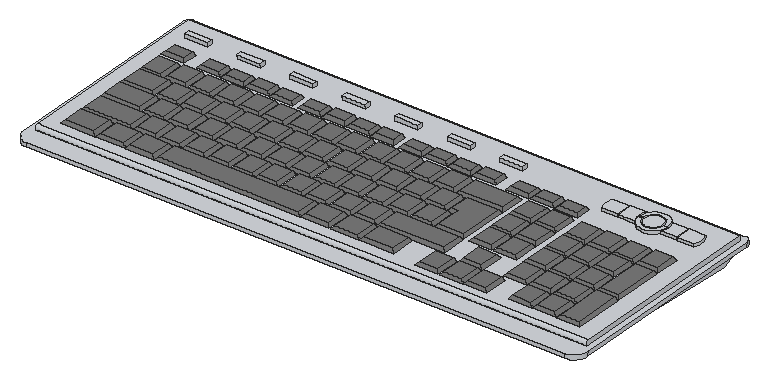
Revit family
Parameters
  Default Elevation = 1219.2 mm
Reference planes
  plane 1 "Center (Front/Back)": y = 0
  plane 2: z = 0
  plane 3 "Center (Left/Right)": x = 0
  plane 4: x = 220
  plane 5: x = -220
  plane 6: y = 85
  plane 7: y = -85
  plane 8: y = -59
  plane 9: y = 35
  plane 10: x = -204
  plane 11: y = 16
  plane 12: x = 55.748
  plane 13: x = 80.268
  plane 14: x = 84.268
  plane 15: x = 102.768
  plane 16: x = -101.417
  plane 17: x = -97.417
  plane 18: x = 121.268
  plane 19: y = 50
  plane 20: y = 64
  plane 21: x = -215
  plane 22: y = 80
  plane 23: x = 215
  plane 24: y = -70
  plane 25: z = 15
  plane 26: z = 12
  plane 27: through (4267.2, -70, 7.139) normal (0, -0.0523, 0.9986)
Forms (mm)
  Extrusion 1, solid
    sketch origin (0, 0, 0) x (0, 1, 0) y (0, 0, 1)
      loop
        line (-70, 0) -> (64, 0) -> (80, 7.461) -> (80, 15) -> (-67.237, 7.284)
        arc (-67.237, 7.284) -> (-69.199, 6.379) -> (-70, 4.372) r 2.915
        line (-70, 4.372) -> (-70, 0)
    from -215 to 215
  Extrusion 2, solid
    sketch origin (0, 0, 0) x (0, 1, 0) y (0, 0, 1)
      loop
        line (-85, 3.425) -> (-85, 0.313) -> (84.952, 9.22) -> (84.952, 12.332) -> (-85, 3.425)
    from -220 to 220
  Extrusion 3, void
    sketch origin (0, 0, 0) x (1, 0, 0) y (0, 1, 0)
      loop
        line (-215, 80) -> (-215, -70) -> (215, -70) -> (215, 80) -> (-215, 80)
    from 0 to 22.434
  Extrusion 4, void
    sketch origin (0, 0, 0) x (1, 0, 0) y (0, 1, 0)
      loop
        arc (-220, 79.952) -> (-218.536, 83.488) -> (-215, 84.952) r 5
        line (-215, 84.952) -> (-220, 84.952) -> (-220, 79.952)
      loop
        line (220, 79.952) -> (220, 84.952) -> (215, 84.952)
        arc (215, 84.952) -> (218.536, 83.488) -> (220, 79.952) r 5
    from 0 to 50
  Extrusion 5, void
    sketch origin (0, 0, 0) x (1, 0, 0) y (0, 1, 0)
      loop
        line (-220, -85) -> (-210, -85)
        arc (-210, -85) -> (-217.071, -82.071) -> (-220, -75) r 10
        line (-220, -75) -> (-220, -85)
      loop
        line (220, -85) -> (220, -75)
        arc (220, -75) -> (217.071, -82.071) -> (210, -85) r 10
        line (210, -85) -> (220, -85)
    from 0 to 50
  Extrusion 6, solid
    sketch origin (0, 80, 15) x (0, -0.99863, -0.052336) y (1, 0, 0)
      loop
        circle (20.029, 163.768) r 7
    from 0 to 2
  Extrusion 7, solid
    sketch origin (0, 80, 15) x (0, -0.99863, -0.052336) y (1, 0, 0)
      loop
        line (20.626, 155.76) -> (20.626, 152.753)
        arc (20.626, 152.753) -> (31.063, 163.738) -> (20.626, 174.722) r 10.999
        line (20.626, 174.722) -> (20.626, 171.714)
        arc (20.626, 171.714) -> (28.065, 163.737) -> (20.626, 155.76) r 7.996
      loop
        arc (19.719, 174.731) -> (9.126, 163.785) -> (19.626, 152.749) r 11.001
        line (19.626, 152.749) -> (19.626, 155.755)
        arc (19.626, 155.755) -> (12.152, 163.784) -> (19.719, 171.726) r 8
        line (19.719, 171.726) -> (19.719, 174.731)
      loop
        arc (14.126, 174.131) -> (20.126, 175.739) -> (26.126, 174.131) r 12.001
        line (26.126, 174.131) -> (26.126, 186.252) -> (14.126, 186.252) -> (14.126, 174.131)
      loop
        line (14.126, 199.559) -> (14.126, 187.252) -> (26.126, 187.252) -> (26.126, 199.559)
        arc (26.126, 199.559) -> (20.126, 201.252) -> (14.126, 199.559) r 11.481
      loop
        line (14.126, 153.344) -> (14.126, 141.224) -> (26.126, 141.224) -> (26.126, 153.344)
        arc (26.126, 153.344) -> (20.126, 151.737) -> (14.126, 153.344) r 12.001
      loop
        arc (14.126, 127.917) -> (20.126, 126.224) -> (26.126, 127.917) r 11.481
        line (26.126, 127.917) -> (26.126, 140.224) -> (14.126, 140.224) -> (14.126, 127.917)
    from 0 to 2
Cuts and joins
  Extrusion 3, Extrusion 4, Extrusion 5 cuts Extrusion 2
Nested families
  nested 1: "KLAWIATURA-KLAWISZE" at (0, 0.069, 10.883) x (1, 0, 0) z (0, -0.0523, 0.9986), type "KLAWIATURA-KLAWISZE"
Definition of nested family "KLAWIATURA-KLAWISZE"
  Parameters
    Default Elevation = 1219.2 mm
  Reference planes
    plane 1: z = 0
    plane 2 "Center (Left/Right)": x = 0
    plane 3: x = 220
    plane 4: x = -220
    plane 5: x = -204
    plane 6: x = 55.748
    plane 7: x = 80.268
    plane 8: x = 84.268
    plane 9: x = 102.768
    plane 10: x = -101.417
    plane 11: x = -97.417
    plane 12: x = 121.268
    plane 13: x = -215
    plane 14: x = 215
  Nested families
    nested 1: "KLAWISZ" at (-195, 26, 0), type "KLAWISZ"
    nested 2: "KLAWISZ" at (61.768, 26, 0), type "37X18"
    nested 3: "KLAWISZ" at (-175.979, 26, 0), type "KLAWISZ"
    nested 4: "KLAWISZ" at (-156.959, 26, 0), type "KLAWISZ"
    nested 5: "KLAWISZ" at (-137.938, 26, 0), type "KLAWISZ"
    nested 6: "KLAWISZ" at (-118.917, 26, 0), type "KLAWISZ"
    nested 7: "KLAWISZ" at (-99.897, 26, 0), type "KLAWISZ"
    nested 8: "KLAWISZ" at (-80.876, 26, 0), type "KLAWISZ"
    nested 9: "KLAWISZ" at (-61.855, 26, 0), type "KLAWISZ"
    nested 10: "KLAWISZ" at (-42.835, 26, 0), type "KLAWISZ"
    nested 11: "KLAWISZ" at (-23.814, 26, 0), type "KLAWISZ"
    nested 12: "KLAWISZ" at (-4.794, 26, 0), type "KLAWISZ"
    nested 13: "KLAWISZ" at (14.227, 26, 0), type "KLAWISZ"
    nested 14: "KLAWISZ" at (33.248, 26, 0), type "KLAWISZ"
    nested 15: "KLAWISZ" at (-167.479, 7, 0), type "KLAWISZ"
    nested 16: "KLAWISZ" at (-148.459, 7, 0), type "KLAWISZ"
    nested 17: "KLAWISZ" at (-129.438, 7, 0), type "KLAWISZ"
    nested 18: "KLAWISZ" at (-110.417, 7, 0), type "KLAWISZ"
    nested 19: "KLAWISZ" at (-91.397, 7, 0), type "KLAWISZ"
    nested 20: "KLAWISZ" at (-72.376, 7, 0), type "KLAWISZ"
    nested 21: "KLAWISZ" at (-53.355, 7, 0), type "KLAWISZ"
    nested 22: "KLAWISZ" at (-34.335, 7, 0), type "KLAWISZ"
    nested 23: "KLAWISZ" at (-15.314, 7, 0), type "KLAWISZ"
    nested 24: "KLAWISZ" at (3.706, 7, 0), type "KLAWISZ"
    nested 25: "KLAWISZ" at (22.727, 7, 0), type "KLAWISZ"
    nested 26: "KLAWISZ" at (41.748, 7, 0), type "KLAWISZ"
    nested 27: "KLAWISZ" at (-162.479, -12, 0), type "KLAWISZ"
    nested 28: "KLAWISZ" at (-143.459, -12, 0), type "KLAWISZ"
    nested 29: "KLAWISZ" at (-124.438, -12, 0), type "KLAWISZ"
    nested 30: "KLAWISZ" at (-105.417, -12, 0), type "KLAWISZ"
    nested 31: "KLAWISZ" at (-86.397, -12, 0), type "KLAWISZ"
    nested 32: "KLAWISZ" at (-67.376, -12, 0), type "KLAWISZ"
    nested 33: "KLAWISZ" at (-48.355, -12, 0), type "KLAWISZ"
    nested 34: "KLAWISZ" at (-29.335, -12, 0), type "KLAWISZ"
    nested 35: "KLAWISZ" at (-10.314, -12, 0), type "KLAWISZ"
    nested 36: "KLAWISZ" at (8.706, -12, 0), type "KLAWISZ"
    nested 37: "KLAWISZ" at (27.727, -12, 0), type "KLAWISZ"
    nested 38: "KLAWISZ" at (46.748, -12, 0), type "KLAWISZ"
    nested 39: "KLAWISZ" at (-153.979, -31, 0), type "KLAWISZ"
    nested 40: "KLAWISZ" at (-134.959, -31, 0), type "KLAWISZ"
    nested 41: "KLAWISZ" at (-115.938, -31, 0), type "KLAWISZ"
    nested 42: "KLAWISZ" at (-96.917, -31, 0), type "KLAWISZ"
    nested 43: "KLAWISZ" at (-77.897, -31, 0), type "KLAWISZ"
    nested 44: "KLAWISZ" at (-58.876, -31, 0), type "KLAWISZ"
    nested 45: "KLAWISZ" at (-39.855, -31, 0), type "KLAWISZ"
    nested 46: "KLAWISZ" at (-20.835, -31, 0), type "KLAWISZ"
    nested 47: "KLAWISZ" at (-1.814, -31, 0), type "KLAWISZ"
    nested 48: "KLAWISZ" at (17.206, -31, 0), type "KLAWISZ"
    nested 49: "KLAWISZ" at (-190.75, 7, 0), type "26.5X19"
    nested 50: "KLAWISZ" at (-188.25, -12, 0), type "31.5X19"
    nested 51: "KLAWISZ" at (-184, -31, 0), type "40X19"
    nested 52: "KLAWISZ" at (-190.75, -50, 0), type "26.5X19"
    nested 53: "KLAWISZ" at (42.498, -50, 0), type "26.5X19"
    nested 54: "KLAWISZ" at (-165.5, -50, 0), type "22X19"
    nested 55: "KLAWISZ" at (-142.5, -50, 0), type "22X19"
    nested 56: "KLAWISZ" at (17.248, -50, 0), type "22X19"
    nested 57: "KLAWISZ" at (-5.752, -50, 0), type "22X19"
    nested 58: "KLAWISZ" at (-74.252, -50, 0), type "113X18"
    nested 59: "KLAWISZ" at (53.768, -31, 0), type "53X18"
    nested 60: "KLAWISZ" at (93.268, 26, 0), type "KLAWISZ"
    nested 61: "KLAWISZ" at (112.268, 26, 0), type "KLAWISZ"
    nested 62: "KLAWISZ" at (93.268, 7, 0), type "KLAWISZ"
    nested 63: "KLAWISZ" at (112.268, 7, 0), type "KLAWISZ"
    nested 64: "KLAWISZ" at (93.268, -12, 0), type "KLAWISZ"
    nested 65: "KLAWISZ" at (112.268, -12, 0), type "KLAWISZ"
    nested 66: "KLAWISZ" at (102.768, -34, 0), type "KLAWISZ"
    nested 67: "KLAWISZ" at (102.768, -53, 0), type "KLAWISZ"
    nested 68: "KLAWISZ" at (121.768, -53, 0), type "KLAWISZ"
    nested 69: "KLAWISZ" at (83.768, -53, 0), type "KLAWISZ"
    nested 70: "KLAWISZ" at (135.268, 26, 0), type "KLAWISZ"
    nested 71: "KLAWISZ" at (154.268, 26, 0), type "KLAWISZ"
    nested 72: "KLAWISZ" at (173.268, 26, 0), type "KLAWISZ"
    nested 73: "KLAWISZ" at (192.268, 26, 0), type "KLAWISZ"
    nested 74: "KLAWISZ" at (135.268, 7, 0), type "KLAWISZ"
    nested 75: "KLAWISZ" at (154.268, 7, 0), type "KLAWISZ"
    nested 76: "KLAWISZ" at (173.268, 7, 0), type "KLAWISZ"
    nested 77: "KLAWISZ" at (135.268, -12, 0), type "KLAWISZ"
    nested 78: "KLAWISZ" at (154.268, -12, 0), type "KLAWISZ"
    nested 79: "KLAWISZ" at (173.268, -12, 0), type "KLAWISZ"
    nested 80: "KLAWISZ" at (135.268, -31, 0), type "KLAWISZ"
    nested 81: "KLAWISZ" at (154.268, -31, 0), type "KLAWISZ"
    nested 82: "KLAWISZ" at (173.268, -31, 0), type "KLAWISZ"
    nested 83: "KLAWISZ" at (154.268, -50, 0), type "KLAWISZ"
    nested 84: "KLAWISZ" at (173.268, -50, 0), type "KLAWISZ"
    nested 85: "KLAWISZ" at (192.268, -2.5, 0), type "18X37"
    nested 86: "KLAWISZ" at (192.268, -40.5, 0), type "18X37"
    nested 87: "KLAWISZ" at (-195, 44.5, 0), type "18X11"
    nested 88: "KLAWISZ" at (-167.479, 44.5, 0), type "18X11"
    nested 89: "KLAWISZ" at (-148.459, 44.5, 0), type "18X11"
    nested 90: "KLAWISZ" at (-129.438, 44.5, 0), type "18X11"
    nested 91: "KLAWISZ" at (-110.417, 44.5, 0), type "18X11"
    nested 92: "KLAWISZ" at (-88.417, 44.5, 0), type "18X11"
    nested 93: "KLAWISZ" at (-69.397, 44.5, 0), type "18X11"
    nested 94: "KLAWISZ" at (-50.376, 44.5, 0), type "18X11"
    nested 95: "KLAWISZ" at (-31.355, 44.5, 0), type "18X11"
    nested 96: "KLAWISZ" at (-9.355, 44.5, 0), type "18X11"
    nested 97: "KLAWISZ" at (9.665, 44.5, 0), type "18X11"
    nested 98: "KLAWISZ" at (28.686, 44.5, 0), type "18X11"
    nested 99: "KLAWISZ" at (47.706, 44.5, 0), type "18X11"
    nested 100: "KLAWISZ" at (74.22, 44.5, 0), type "18X11"
    nested 101: "KLAWISZ" at (93.24, 44.5, 0), type "18X11"
    nested 102: "KLAWISZ" at (112.261, 44.5, 0), type "18X11"
    nested 103: "KLAWISZ-MEDIA" at (-195, 64, 0), type "37X19"
    nested 104: "KLAWISZ-MEDIA" at (-154, 64, 0), type "37X19"
    nested 105: "KLAWISZ-MEDIA" at (-113, 64, 0), type "37X19"
    nested 106: "KLAWISZ-MEDIA" at (-72, 64, 0), type "37X19"
    nested 107: "KLAWISZ-MEDIA" at (-31, 64, 0), type "37X19"
    nested 108: "KLAWISZ-MEDIA" at (10, 64, 0), type "37X19"
    nested 109: "KLAWISZ-MEDIA" at (51, 64, 0), type "37X19"
    nested 110: "KLAWISZ-enter" at (68.518, -2.5, 0), type "KLAWISZ"
  Definition of nested family "KLAWISZ"
    Parameters (values of type "19X19")
      SKOS1 = 0.5 mm
      SKOS = 2 mm
      S = 19 mm
      L = 19 mm
      H = 3 mm
      Default Elevation = 1219.2 mm
      Assembly Code = ""
    Types (11, lengths in mm): name | S | L
      19X19 | 19 | 19
      18X11 | 11 | 18
      18X37 | 37 | 18
      53X18 | 18 | 53
      113X18 | 18 | 113
      22X19 | 18 | 22
      40X19 | 18 | 40
      31.5X19 | 18 | 31.5
      26.5X19 | 18 | 26.5
      37X18 | 18 | 37
      KLAWISZ | 18 | 18
    Reference planes
      plane 1 "Center (Front/Back)": y = 0
      plane 2: z = 0
      plane 3 "Center (Left/Right)": x = 0
      plane 4: x = 9.5
      plane 5: x = -9.5
      plane 6: y = 9.5
      plane 7: y = -9.5
      plane 8: z = 2
      plane 9: x = -7.5
      plane 10: y = -7.5
      plane 11: x = 7.5
      plane 12: y = 9
    Forms (mm)
      Blend 1, solid
        base sketch origin (0, 0, 0) x (1, 0, 0) y (0, 1, 0)
          loop
            line (-9.5, 9.5) -> (-9.5, -9.5) -> (9.5, -9.5) -> (9.5, 9.5) -> (-9.5, 9.5)
        top sketch origin (0, 0, 0) x (1, 0, 0) y (0, 1, 0)
          loop
            line (-7.5, 9) -> (-7.5, -7.5) -> (7.5, -7.5) -> (7.5, 9) -> (-7.5, 9)
        from 0 to 2
  Definition of nested family "KLAWISZ-MEDIA"
    Parameters (values of type "37X19")
      S = 4 mm
      L = 18 mm
      H = 3 mm
      Default Elevation = 1219.2 mm
      Assembly Code = ""
    Types (2, lengths in mm): name | S | L
      19X19 | 19 | 19
      37X19 | 4 | 18
    Reference planes
      plane 1 "Center (Front/Back)": y = 0
      plane 2: z = 0
      plane 3 "Center (Left/Right)": x = 0
      plane 4: x = 9
      plane 5: x = -9
      plane 6: y = 2
      plane 7: y = -2
      plane 8: z = 3
    Forms (mm)
      Extrusion 1, solid
        sketch origin (0, 0, 0) x (1, 0, 0) y (0, 1, 0)
          loop
            line (-9, 2) -> (-9, -2) -> (9, -2) -> (9, 2) -> (-9, 2)
        from 0 to 3
  Definition of nested family "KLAWISZ-enter"
    Parameters (values of type "KLAWISZ")
      SKOS1 = 0.5 mm
      SKOS = 2 mm
      S = 37 mm
      L = 23.5 mm
      H = 2 mm
      Default Elevation = 1219.2 mm
      Assembly Code = ""
    Reference planes
      plane 1 "Center (Front/Back)": y = 0
      plane 2: z = 0
      plane 3 "Center (Left/Right)": x = 0
      plane 4: x = 11.75
      plane 5: x = -11.75
      plane 6: y = 18.5
      plane 7: y = -18.5
      plane 8: z = 2
      plane 9: x = -9.75
      plane 10: y = -16.5
      plane 11: x = 9.75
      plane 12: y = 18
      plane 13: x = -16.75
      plane 14: y = 0.5
      plane 15: y = 2.5
      plane 16: x = -14.75
    Forms (mm)
      Blend 1, solid
        base sketch origin (0, 0, 0) x (1, 0, 0) y (0, 1, 0)
          loop
            line (-16.75, 18.5) -> (-16.75, 0.5) -> (-11.75, 0.5) -> (-11.75, -18.5) -> (11.75, -18.5) -> (11.75, 18.5) -> (-16.75, 18.5)
        top sketch origin (0, 0, 0) x (1, 0, 0) y (0, 1, 0)
          loop
            line (-14.75, 18) -> (-14.75, 2.5) -> (-9.75, 2.5) -> (-9.75, -16.5) -> (9.75, -16.5) -> (9.75, 18) -> (-14.75, 18)
        from 0 to 2
